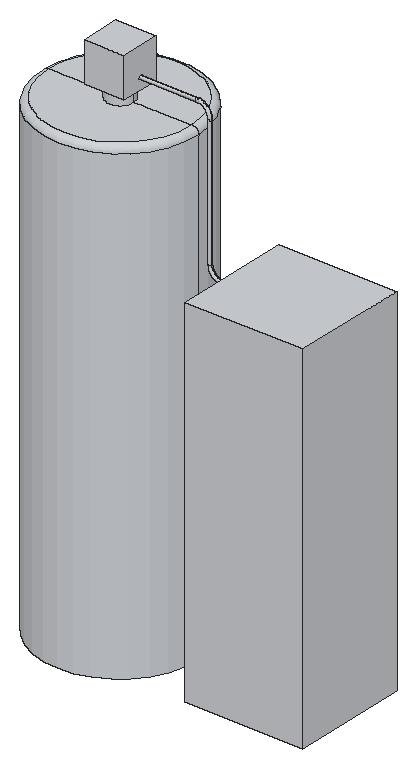
Revit family "M_Amaciador de água - 0.25-2,33 LPS", category Equipamento mecânico, Revit 2019
Family settings
  Cota do conector redondo = Usar raio
  Tipo de parte = Normal
  Número OmniClass = 23.65.50.11.11.14
  Título OmniClass = Water Softeners
  ID de item do Seek = Water Softener - 0.25-2.33 LPS-0000-CAN-ENU
  Com base no plano de trabalho = Não
  Sempre na vertical = Sim
  Corte com vazios quando carregada = Não
  Compartilhado = Não
  Ponto de cálculo do ambiente = Não
Parameters (values of type "2.33 LPS")
  Voltagem = 120 V
  Diâmetro superior do reservatório do amaciador = 480 mm
  Raio inferior do reservatório do amaciador = 1 / 2 * Diâmetro inferior do reservatório do amaciador  # 300 mm
  Material do reservatório do amaciador = none
  Altura do reservatório do amaciador = 2030 mm
  Diâmetro inferior do reservatório do amaciador = 600 mm
  Raio do sanitário = 25 mm
  Diâmetro do sanitário = Raio do sanitário * 2  # 50 mm
  Queda de pressão [instance] = 103421.0 Pa
  Comprimento parcial = 83 mm
  Comprimento total = Raio inferior do reservatório do amaciador * 2 + Comprimento parcial + Comprimento do reservatório de água salgada + 44 mm  # 1177 mm
  Raio da saída = 12.5 mm
  Diâmetro da saída = Raio da saída * 2  # 25 mm
  Número de pólos = 1
  Classificação de carga = Eletrodoméstico - Unidade de interrupção
  Raio da embocadura = 12.5 mm
  Diâmetro da embocadura = Raio da embocadura * 2  # 25 mm
  Fluxo [instance] = 2.33 L/s
  Material do redutor = none
  Largura do reservatório de água salgada = Comprimento do reservatório de água salgada  # 450 mm
  Material do reservatório de água salgada = none
  Comprimento do reservatório de água salgada = 450 mm
  Altura do reservatório de água salgada = 1370 mm
  Carga aparente = 10 VA
Types (4, lengths in mm): name | Diâmetro superior do reservatório do amaciador | Raio inferior do reservatório do amaciador | Altura do reservatório do amaciador | Diâmetro inferior do reservatório do amaciador | Raio do sanitário | Diâmetro do sanitário | Comprimento parcial | Comprimento total | Raio da saída | Diâmetro da saída | Raio da embocadura | Diâmetro da embocadura | Fluxo | Altura do reservatório de água salgada
  (no name) | 480 | 300 | 2030 | 600 | 25 | 50 | 83 | 1177 | 12.5 | 25 | 12.5 | 25 | 2.33 L/s | 1370
  0.25 LPS | 200 | 125 | 1200 | 250 | 20 | 40 | 57 | 801 | 7.5 | 15 | 7.5 | 15 | 0.25 L/s | 760
  1.26 LPS | 425 | 262.5 | 1750 | 525 | 25 | 50 | 57 | 1076 | 10 | 20 | 10 | 20 | 1.26 L/s | 1350
  2.33 LPS | 480 | 300 | 2030 | 600 | 25 | 50 | 83 | 1177 | 12.5 | 25 | 12.5 | 25 | 2.33 L/s | 1370
Reference planes
  plane 1 "Centro (Frente/Trás)": y = 0
  plane 2: z = 0
  plane 3 "Centro (Esquerda/Direita)": x = 0
  plane 4: z = 2030
  plane 5: z = 1877.6
  plane 6: z = 1826.8
  plane 7: z = 1801.4
  plane 8: x = -300
  plane 9: x = 877.45
  plane 10: y = 225
  plane 11: y = -225
  plane 12: x = 427.45
  plane 13: z = 1370
  plane 14: x = -76.2
  plane 15: x = 76.2
  plane 16: y = 76.2
  plane 17: y = -76.2
  plane 18: z = 1922.05
  plane 19: z = 1325.55
  plane 20: x = 300
  plane 21: x = 344.45
  plane 22: z = 101.6
  plane 23: x = 652.45
Forms (mm)
  Extrusion 1, solid, material <- "Material do reservatório do amaciador"
    sketch origin (0, 0, 0) x (1, 0, 0) y (0, 1, 0)
      loop
        circle (0, 0) r 300
    from 0 to 1801.4
  Extrusion 2, solid, material <- "Material do reservatório de água salgada"
    sketch origin (0, 0, 0) x (1, 0, 0) y (0, 1, 0)
      loop
        line (427.45, 225) -> (427.45, -225) -> (877.45, -225) -> (877.45, 225) -> (427.45, 225)
    from 0 to 1370
  Revolve 3, solid, material <- "Material do reservatório do amaciador"
    sketch origin (0, 0, 0) x (1, 0, 0) y (0, 0, 1)
      loop
        line (0, 1801.4) -> (0, 1826.8) -> (-274.6, 1826.8)
        arc (-274.6, 1826.8) -> (-292.561, 1819.361) -> (-300, 1801.4) r 25.4
        line (-300, 1801.4) -> (0, 1801.4)
      axis (0, 1826.8) -> (0, 1801.4)
    angle from 0 to 360
  Extrusion 4, solid, material <- "Material do reservatório do amaciador"
    sketch origin (0, 0, 0) x (1, 0, 0) y (0, 1, 0)
      loop
        circle (0, 0) r 50.8
    from 1826.8 to 1877.6
  Extrusion 5, solid, material <- "Material do reservatório do amaciador"
    sketch origin (0, 0, 0) x (1, 0, 0) y (0, 1, 0)
      loop
        line (-76.2, 76.2) -> (-76.2, -76.2) -> (76.2, -76.2) -> (76.2, 76.2) -> (-76.2, 76.2)
    from 1877.6 to 2030
  Sweep 6, solid, material <- "Material do redutor"
    path origin (0, 0, 0) x (1, 0, 0) y (0, 0, 1)
      loop
        line (76.2, 1922.05) -> (293.65, 1922.05)
        arc (293.65, 1922.05) -> (329.571, 1907.171) -> (344.45, 1871.25) r 50.8
        line (344.45, 1871.25) -> (344.45, 1376.35)
        arc (344.45, 1376.35) -> (359.329, 1340.429) -> (395.25, 1325.55) r 50.8
        line (395.25, 1325.55) -> (427.45, 1325.55)
    profile origin (184.925, 0, 1922.05) x (0, 0, 1) y (0, -1, 0)
      loop
        circle (0, 0) r 6.35
  Extrusion 7, solid, material <- "Material do reservatório de água salgada"
    sketch origin (0, 0, 0) x (1, 0, 0) y (0, 0, 1)
      loop
        circle (652.45, 101.6) r 25.4
    from 0 to 225
Cuts and joins
  joined: Extrusion 2, Extrusion 7
  joined: Extrusion 1, Revolve 3
Dimensions and locks
  "Altura do reservatório do amaciador": plane 4 to plane 2
  locked: plane 4 to plane 5 at 152.4
  locked: plane 5 to plane 6 at 50.8
  locked: plane 6 to plane 7 at 25.4
  "Raio inferior do reservatório do amaciador": plane 8 to plane 3 "Centro (Esquerda/Direita)"
  equal spacing: plane 10, plane 1 "Centro (Frente/Trás)", plane 11
  "Largura do reservatório de água salgada": plane 10 to plane 11
  "Altura do reservatório de água salgada": plane 13 to plane 2
  plane 16 to plane 1 "Centro (Frente/Trás)" to plane 17 = 76.2 mm locked, 76.2 mm locked
  plane 14 to plane 3 "Centro (Esquerda/Direita)" to plane 15 = 76.2 mm locked, 76.2 mm locked
  locked: plane 18 to plane 5 at 44.45
  locked: plane 13 to plane 19 at 44.45
  "Raio inferior do reservatório do amaciador": plane 20 to plane 3 "Centro (Esquerda/Direita)"
  locked: plane 22 to plane 2 at 101.6
  equal spacing: plane 9, plane 23, plane 12
  "Raio inferior do reservatório do amaciador": plane 3 "Centro (Esquerda/Direita)" to plane 20
  "Comprimento parcial": plane 21 to plane 12
  locked: plane 21 to plane 20 at 44.45
  "Comprimento do reservatório de água salgada": plane 12 to plane 9
  "Raio inferior do reservatório do amaciador": radius of Extrusion 1 sketch curve
  radius of Revolve 3 sketch curve = 25.4 mm
  radius of Extrusion 4 sketch curve = 50.8 mm
  radius of Sweep 6 sketch curve = 50.8 mm  (x2)
  radius of Sweep 6 sketch curve = 6.35 mm
  radius of Extrusion 7 sketch curve = 25.4 mm
  aligned and locked: plane 1 "Centro (Frente/Trás)" to Extrusion 1 sketch curve
  aligned and locked: plane 3 "Centro (Esquerda/Direita)" to Extrusion 1 sketch curve
  aligned and locked: plane 7 to Extrusion 1
  aligned and locked: Extrusion 1 to plane 2
  aligned and locked: plane 12 to Extrusion 2 sketch curve
  aligned and locked: Extrusion 2 sketch curve to plane 10
  aligned and locked: plane 11 to Extrusion 2 sketch curve
  aligned and locked: Extrusion 2 sketch curve to plane 9
  aligned and locked: Extrusion 2 to plane 2
  aligned and locked: plane 13 to Extrusion 2
  aligned and locked: Revolve 3 sketch curve to plane 6
  aligned and locked: plane 7 to Revolve 3 sketch curve
  aligned and locked: Revolve 3 sketch curve to plane 3 "Centro (Esquerda/Direita)"
  aligned and locked: plane 1 "Centro (Frente/Trás)" to Extrusion 4 sketch curve
  aligned and locked: plane 3 "Centro (Esquerda/Direita)" to Extrusion 4 sketch curve
  aligned and locked: plane 5 to Extrusion 4
  aligned and locked: Extrusion 4 to plane 6
  aligned and locked: plane 14 to Extrusion 5 sketch curve
  aligned and locked: Extrusion 5 sketch curve to plane 16
  aligned and locked: plane 17 to Extrusion 5 sketch curve
  aligned and locked: Extrusion 5 sketch curve to plane 15
  aligned and locked: plane 4 to Extrusion 5
  aligned and locked: Extrusion 5 to plane 5
  aligned and locked: plane 15 to Sweep 6 sketch curve
  aligned and locked: plane 18 to Sweep 6 sketch curve
  aligned and locked: Sweep 6 sketch curve to plane 21
  aligned and locked: plane 12 to Sweep 6 sketch curve
  aligned and locked: plane 19 to Sweep 6 sketch curve
  aligned and locked: plane 22 to Extrusion 7 sketch curve
  aligned and locked: plane 23 to Extrusion 7 sketch curve
  aligned and locked: Extrusion 7 to plane 11
  aligned and locked: Extrusion 7 to plane 1 "Centro (Frente/Trás)"
Automatic sketch dimensions
  Revolve 3 sketch curve to plane 8 = 0 mm
  Revolve 3 sketch curve to plane 3 "Centro (Esquerda/Direita)" = 0 mm
  Revolve 3 sketch curve to plane 7 = 0 mm
  Revolve 3 sketch curve to plane 6 = 0 mm
  Sweep 6 sketch curve to plane 1 "Centro (Frente/Trás)" = 0 mm
  Sweep 6 sketch curve to profile plane = 0 mm
  Extrusion 7 sketch curve to plane 22 = 0 mm
Connectors
  piping at (76.2, 0, 1953.8), diameter 25, driven by "Raio da embocadura", driven by "Fluxo"
    settings: on Extrusion 5, index 1, connector inside diameter 25 mm, connector length 0 mm, flow factor 0, pipe flow 2.33 L/s, pressure drop 0.0 Pa, fitting loss kfactor 0, connector angle 0.00°, fixture units 0, engagement length 0 mm, angle of deflection 0.00°, flow configuration 1, flow direction 1, fitting loss method 4, system type 20, joint type 0, gender type 0, connector reference index -1, connector utility 0, adjustable connector no, is connector primary yes, connector description "In"
  piping at (0, 0, 2030), diameter 25, driven by "Raio da saída", driven by "Fluxo", driven by "Queda de pressão"
    settings: on Extrusion 5, index 2, connector inside diameter 25 mm, connector length 0 mm, flow factor 0, pipe flow 2.33 L/s, pressure drop 103421.0 Pa, fitting loss kfactor 0, connector angle 0.00°, fixture units 0, engagement length 0 mm, angle of deflection 0.00°, flow configuration 0, flow direction 2, fitting loss method 4, system type 20, joint type 0, gender type 0, connector reference index -1, connector utility 0, adjustable connector no, is connector primary no, connector description "Saída"
  piping at (652.45, -225, 101.6), diameter 50, driven by "Raio do sanitário"
    settings: on Extrusion 7, index 3, connector inside diameter 50 mm, connector length 0 mm, flow factor 0, pipe flow 0.0 L/s, pressure drop 0.0 Pa, fitting loss kfactor 0, connector angle 0.00°, fixture units 0, engagement length 0 mm, angle of deflection 0.00°, flow configuration 1, flow direction 2, fitting loss method 4, system type 16, joint type 0, gender type 0, connector reference index -1, connector utility 0, adjustable connector yes, is connector primary no, connector description "Sanitário"
  electrical at (-76.2, 0, 1953.8), driven by "Carga aparente", driven by "Voltagem", driven by "Número de pólos", driven by "Classificação de carga"
    settings: on Extrusion 5, index 4, voltage 120 V, apparent load 10 VA, apparent load phase1 0 VA, apparent load phase2 0 VA, apparent load phase3 0 VA, power factor 0.8, load classification "Eletrodoméstico - Unidade de interrupção", number of poles 1, system type 30, power factor state 1, is connector primary yes, connector utility no, sub classification motor no, connector description ""
